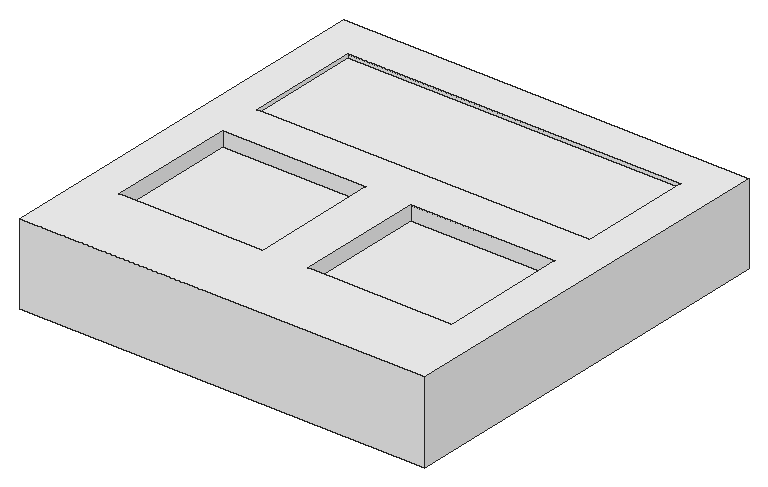
Revit family "Datentechnikträger, 1 Modul, Auslass gerade, Typ RM", category Generic Models, Revit 2015
Parameters (values of type "DTG-2RM RW1")
  URL = "http://www.obo-bettermann.com"
  Material = Polycarbonate, white
  Manufacturer Art.No. = "6119292"
  Manufacturer = "OBO Bettermann"
  GTIN = "4012195887430"
  Article Type = "DTG-2RM RW1"
Types (4, lengths in mm): name | Material | Manufacturer Art.No. | GTIN | Article Type
  (no name) | Polycarbonate, white | "6119292" | "4012195887430" | "DTG-2RM RW1"
  DTG-2RM RW1 | Polycarbonate, white | "6119292" | "4012195887430" | "DTG-2RM RW1"
  DTG-2RM SWGR1 | Policarbonate, black grey | "6119294" | "4012195887447" | "DTG-2RM SWGR1"
  DTG-2RM AL1 | Policarbonate, alu | "6119296" | "4012195887454" | "DTG-2RM AL1"
Reference planes
  plane 1 "Center (Front/Back)": y = 0
  plane 2: z = 0
  plane 3 "Center (Left/Right)": x = 0
  plane 4: z = 9
  plane 5: z = 7.4
  plane 6: z = 8.6
Forms (mm)
  Extrusion 1, solid, material "Polycarbonate, white" <- "Material"
    sketch origin (0, 0, 0) x (1, 0, 0) y (0, 1, 0)
      loop
        line (-22.5, 22.5) -> (-22.5, -22.5) -> (22.5, -22.5) -> (22.5, 22.5) -> (-22.5, 22.5)
    from 0 to 9
  Extrusion 2, void
    sketch origin (0, 0, 0) x (1, 0, 0) y (0, 1, 0)
      loop
        line (-18.5, 0.6) -> (-18.5, -13.8) -> (-2.5, -13.8) -> (-2.5, 0.6) -> (-18.5, 0.6)
      loop
        line (2.5, 0.6) -> (2.5, -13.8) -> (18.5, -13.8) -> (18.5, 0.6) -> (2.5, 0.6)
    from 7.4 to 9
  Extrusion 3, void
    sketch origin (0, 0, 0) x (1, 0, 0) y (0, 1, 0)
      loop
        line (-18.5, 18.1) -> (-18.5, 5.4) -> (18.5, 5.4) -> (18.5, 18.1) -> (-18.5, 18.1)
    from 8.6 to 9
Cuts and joins
  Extrusion 2, Extrusion 3 cuts Extrusion 1
Dimensions and locks
  locked: Extrusion 1 sketch curve to Extrusion 1 sketch curve at 45  (x2)
  locked: plane 1 "Center (Front/Back)" to Extrusion 1 sketch curve at 22.5
  locked: Extrusion 1 sketch curve to plane 3 "Center (Left/Right)" at 22.5
  locked: plane 4 to level at 9
  locked: Extrusion 2 sketch curve to Extrusion 2 sketch curve at 16  (x2)
  locked: Extrusion 2 sketch curve to Extrusion 2 sketch curve at 14.4
  locked: Extrusion 2 sketch curve to plane 3 "Center (Left/Right)" at 2.5
  locked: plane 1 "Center (Front/Back)" to Extrusion 2 sketch curve at 0.6
  locked: plane 3 "Center (Left/Right)" to Extrusion 2 sketch curve at 2.5
  locked: plane 4 to plane 5 at 1.6
  locked: Extrusion 3 sketch curve to Extrusion 3 sketch curve at 12.7
  locked: Extrusion 3 sketch curve to Extrusion 3 sketch curve at 37
  locked: Extrusion 3 sketch curve to plane 3 "Center (Left/Right)" at 18.5
  locked: cut or joined group of Extrusion 1, Extrusion 2, Extrusion 3 to Extrusion 3 sketch curve at 4.4
  locked: plane 4 to plane 6 at 0.4
  aligned and locked: level to plane 2
  aligned and locked: Extrusion 1 to level
  aligned and locked: plane 4 to Extrusion 1
  aligned and locked: Extrusion 2 sketch curve to Extrusion 2 sketch curve  (x2)
  aligned and locked: Extrusion 2 to plane 5
  aligned and locked: Extrusion 1 to Extrusion 2
  aligned and locked: Extrusion 3 to plane 6
